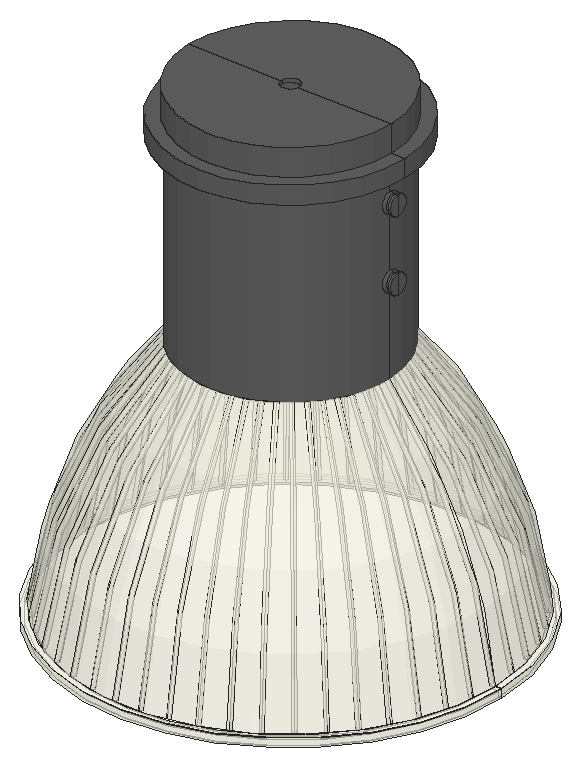
Revit family "FA12", category Lighting Fixtures, Revit 2024
Family settings
  Round Connector Dimension = Use Diameter
  Part Type = Normal
  OmniClass Number = 23.80.70.00
  OmniClass Title = Lighting
  Work Plane-Based = No
  Always vertical = Yes
  Cut with Voids When Loaded = No
  Light Source = No
  Maintain Annotation Orientation = No
  Shared = No
  Room Calculation Point = No
Parameters
  Default Elevation = 0' - 0"
Reference planes (in)
  plane 1 "Light Source Axis (F/B)": y = 0
  plane 2: z = 0
  plane 3 "Light Source Axis (L/R)": x = 0
  plane 4 "Light Source Elevation": z = 54
Forms (in)
  Revolve 1, solid, material "41"
    sketch origin (0, 0, 0) x (1, 0, 0) y (0, 0, 1)
      loop
        line (2.875, 67.5) -> (0.25, 67.5) -> (0.25, 67.40625) -> (2.78125, 67.40625) -> (2.78125, 66.65625) -> (3.15625, 66.65625) -> (3.15625, 66.34375) -> (3, 66.34375)
        arc (3, 66.34375) -> (2.80113, 66.26137) -> (2.71875, 66.0625) r 0.28125
        line (2.71875, 66.0625) -> (2.71875, 61.09375) -> (0.25, 61.09375) -> (0.25, 61) -> (2.8125, 61) -> (2.8125, 66.0625)
        arc (2.8125, 66.0625) -> (2.86742, 66.19508) -> (3, 66.25) r 0.1875
        line (3, 66.25) -> (3.25, 66.25) -> (3.25, 66.75) -> (2.875, 66.75) -> (2.875, 67.5)
      axis (0, 67.5) -> (0, 61)
    angle from 0 to 360
  Revolve 2, solid, material "41"
    sketch origin (-0.6875, 0, -6.375) x (1, 0, 0) y (0, 0, 1)
      loop
        line (3.5, 71.875) -> (3.75, 71.875) -> (3.75, 72.145) -> (3.686, 72.145) -> (3.686, 72.105)
        arc (3.686, 72.105) -> (3.633, 72.052) -> (3.58, 72.105) r 0.053
        arc (3.58, 72.105) -> (3.54, 72.145) -> (3.5, 72.105) r 0.04
        line (3.5, 72.105) -> (3.5, 71.875)
      axis (3.75, 71.875) -> (3.5, 71.875)
    angle from 0 to 360
  Revolve 3, solid, material "41"
    sketch origin (-0.6875, 0, -8.375) x (1, 0, 0) y (0, 0, 1)
      loop
        line (3.5, 71.875) -> (3.75, 71.875) -> (3.75, 72.145) -> (3.686, 72.145) -> (3.686, 72.105)
        arc (3.686, 72.105) -> (3.633, 72.052) -> (3.58, 72.105) r 0.053
        arc (3.58, 72.105) -> (3.54, 72.145) -> (3.5, 72.105) r 0.04
        line (3.5, 72.105) -> (3.5, 71.875)
      axis (3.75, 71.875) -> (3.5, 71.875)
    angle from 0 to 360
  Revolve 4, solid, material "41"
    sketch origin (0.6875, 0, -8.375) x (-1, 0, 0) y (0, 0, -1)
      loop
        line (3.5, -71.875) -> (3.5, -72.105)
        arc (3.5, -72.105) -> (3.54, -72.145) -> (3.58, -72.105) r 0.04
        arc (3.58, -72.105) -> (3.633, -72.052) -> (3.686, -72.105) r 0.053
        line (3.686, -72.105) -> (3.686, -72.145) -> (3.75, -72.145) -> (3.75, -71.875) -> (3.5, -71.875)
      axis (3.75, -71.875) -> (3.5, -71.875)
    angle from 0 to 360
  Revolve 5, solid, material "41"
    sketch origin (0.6875, 0, -6.3745) x (-1, 0, 0) y (0, 0, -1)
      loop
        line (3.5, -71.875) -> (3.5, -72.105)
        arc (3.5, -72.105) -> (3.54, -72.145) -> (3.58, -72.105) r 0.04
        arc (3.58, -72.105) -> (3.633, -72.052) -> (3.686, -72.105) r 0.053
        line (3.686, -72.105) -> (3.686, -72.145) -> (3.75, -72.145) -> (3.75, -71.875) -> (3.5, -71.875)
      axis (3.75, -71.875) -> (3.5, -71.875)
    angle from 0 to 360
  Revolve 6, solid, material "GLASS SHADE"
    sketch origin (0, 0, 0) x (1, 0, 0) y (0, 0, 1)
      loop
        arc (5.82952, 54.25386) -> (4.88125, 57.87748) -> (2.8125, 61) r 11.43038
        line (2.8125, 61) -> (0.25, 61) -> (0.25, 60.93612) -> (2.74389, 60.93612)
        arc (2.74389, 60.93612) -> (4.81305, 57.80014) -> (5.74365, 54.16011) r 11.33663
        line (5.74365, 54.16011) -> (5.90461, 54.16011) -> (5.90461, 54) -> (5.99836, 54) -> (5.99836, 54.25386) -> (5.82952, 54.25386)
      axis (0, 61) -> (0, 54)
    angle from 0 to 360
  Sweep 7, solid, material "GLASS SHADE"
    path origin (0, 0, 0) x (1, 0, 0) y (0, 0, 1)
      loop
        arc (2.74389, 60.93612) -> (4.76467, 57.82939) -> (5.73979, 54.25386) r 11.98589
    profile origin (4.76467, 0, 57.82939) x (0.912489, 0, 0.409102) y (0, -1, 0)
      loop
        circle (0, 0) r 0.0625
  Sweep 8, solid, material "GLASS SHADE"
    path origin (0, 0, 0) x (0.992115, -0.125333, 0) y (0, 0, 1)
      loop
        arc (2.74389, 60.93612) -> (4.76467, 57.82939) -> (5.73979, 54.25386) r 11.98589
    profile origin (4.7271, -0.59717, 57.82939) x (0.905293, -0.114365, 0.409102) y (-0.125333, -0.992115, 0)
      loop
        circle (0, 0) r 0.0625
  Sweep 9, solid, material "GLASS SHADE"
    path origin (0, 0, 0) x (0.992115, 0.125333, 0) y (0, 0, 1)
      loop
        arc (2.74389, 60.93612) -> (4.76467, 57.82939) -> (5.73979, 54.25386) r 11.98589
    profile origin (4.7271, 0.59717, 57.82939) x (0.905293, 0.114365, 0.409102) y (0.125333, -0.992115, 0)
      loop
        circle (0, 0) r 0.0625
  Sweep 10, solid, material "GLASS SHADE"
    path origin (0, 0, 0) x (0.968583, 0.24869, 0) y (0, 0, 1)
      loop
        arc (2.74389, 60.93612) -> (4.76467, 57.82939) -> (5.73979, 54.25386) r 11.98589
    profile origin (4.61498, 1.18493, 57.82939) x (0.883821, 0.226927, 0.409102) y (0.24869, -0.968583, 0)
      loop
        circle (0, 0) r 0.0625
  Sweep 11, solid, material "GLASS SHADE"
    path origin (0, 0, 0) x (0.929776, 0.368125, 0) y (0, 0, 1)
      loop
        arc (2.74389, 60.93612) -> (4.76467, 57.82939) -> (5.73979, 54.25386) r 11.98589
    profile origin (4.43008, 1.75399, 57.82939) x (0.84841, 0.335909, 0.409102) y (0.368125, -0.929776, 0)
      loop
        circle (0, 0) r 0.0625
  Sweep 12, solid, material "GLASS SHADE"
    path origin (0, 0, 0) x (0.876307, 0.481754, 0) y (0, 0, 1)
      loop
        arc (2.74389, 60.93612) -> (4.76467, 57.82939) -> (5.73979, 54.25386) r 11.98589
    profile origin (4.17532, 2.2954, 57.82939) x (0.79962, 0.439595, 0.409102) y (0.481754, -0.876307, 0)
      loop
        circle (0, 0) r 0.0625
  Sweep 13, solid, material "GLASS SHADE"
    path origin (0, 0, 0) x (0.809017, 0.587785, 0) y (0, 0, 1)
      loop
        arc (2.74389, 60.93612) -> (4.76467, 57.82939) -> (5.73979, 54.25386) r 11.98589
    profile origin (3.8547, 2.8006, 57.82939) x (0.738219, 0.536347, 0.409102) y (0.587785, -0.809017, 0)
      loop
        circle (0, 0) r 0.0625
  Sweep 14, solid, material "GLASS SHADE"
    path origin (0, 0, 0) x (0.728969, 0.684547, 0) y (0, 0, 1)
      loop
        arc (2.74389, 60.93612) -> (4.76467, 57.82939) -> (5.73979, 54.25386) r 11.98589
    profile origin (3.4733, 3.26164, 57.82939) x (0.665176, 0.624641, 0.409102) y (0.684547, -0.728969, 0)
      loop
        circle (0, 0) r 0.0625
  Sweep 15, solid, material "GLASS SHADE"
    path origin (0, 0, 0) x (0.637424, 0.770513, 0) y (0, 0, 1)
      loop
        arc (2.74389, 60.93612) -> (4.76467, 57.82939) -> (5.73979, 54.25386) r 11.98589
    profile origin (3.03712, 3.67124, 57.82939) x (0.581642, 0.703084, 0.409102) y (0.770513, -0.637424, 0)
      loop
        circle (0, 0) r 0.0625
  Sweep 16, solid, material "GLASS SHADE"
    path origin (0, 0, 0) x (0.535827, 0.844328, 0) y (0, 0, 1)
      loop
        arc (2.74389, 60.93612) -> (4.76467, 57.82939) -> (5.73979, 54.25386) r 11.98589
    profile origin (2.55304, 4.02295, 57.82939) x (0.488936, 0.77044, 0.409102) y (0.844328, -0.535827, 0)
      loop
        circle (0, 0) r 0.0625
  Sweep 17, solid, material "GLASS SHADE"
    path origin (0, 0, 0) x (0.425779, 0.904827, 0) y (0, 0, 1)
      loop
        arc (2.74389, 60.93612) -> (4.76467, 57.82939) -> (5.73979, 54.25386) r 11.98589
    profile origin (2.0287, 4.31121, 57.82939) x (0.388519, 0.825644, 0.409102) y (0.904827, -0.425779, 0)
      loop
        circle (0, 0) r 0.0625
  Sweep 18, solid, material "GLASS SHADE"
    path origin (0, 0, 0) x (0.309017, 0.951057, 0) y (0, 0, 1)
      loop
        arc (2.74389, 60.93612) -> (4.76467, 57.82939) -> (5.73979, 54.25386) r 11.98589
    profile origin (1.47237, 4.53147, 57.82939) x (0.281974, 0.867828, 0.409102) y (0.951057, -0.309017, 0)
      loop
        circle (0, 0) r 0.0625
  Sweep 19, solid, material "GLASS SHADE"
    path origin (0, 0, 0) x (0.187381, 0.982287, 0) y (0, 0, 1)
      loop
        arc (2.74389, 60.93612) -> (4.76467, 57.82939) -> (5.73979, 54.25386) r 11.98589
    profile origin (0.89281, 4.68028, 57.82939) x (0.170983, 0.896326, 0.409102) y (0.982287, -0.187381, 0)
      loop
        circle (0, 0) r 0.0625
  Sweep 20, solid, material "GLASS SHADE"
    path origin (0, 0, 0) x (0.062791, 0.998027, 0) y (0, 0, 1)
      loop
        arc (2.74389, 60.93612) -> (4.76467, 57.82939) -> (5.73979, 54.25386) r 11.98589
    profile origin (0.29918, 4.75527, 57.82939) x (0.057296, 0.910688, 0.409102) y (0.998027, -0.062791, 0)
      loop
        circle (0, 0) r 0.0625
  Sweep 21, solid, material "GLASS SHADE"
    path origin (0, 0, 0) x (-0.062791, 0.998027, 0) y (0, 0, 1)
      loop
        arc (2.74389, 60.93612) -> (4.76467, 57.82939) -> (5.73979, 54.25386) r 11.98589
    profile origin (-0.29918, 4.75527, 57.82939) x (-0.057296, 0.910688, 0.409102) y (0.998027, 0.062791, 0)
      loop
        circle (0, 0) r 0.0625
  Sweep 22, solid, material "GLASS SHADE"
    path origin (0, 0, 0) x (-0.187381, 0.982287, 0) y (0, 0, 1)
      loop
        arc (2.74389, 60.93612) -> (4.76467, 57.82939) -> (5.73979, 54.25386) r 11.98589
    profile origin (-0.89281, 4.68028, 57.82939) x (-0.170983, 0.896326, 0.409102) y (0.982287, 0.187381, 0)
      loop
        circle (0, 0) r 0.0625
  Sweep 23, solid, material "GLASS SHADE"
    path origin (0, 0, 0) x (-0.309017, 0.951057, 0) y (0, 0, 1)
      loop
        arc (2.74389, 60.93612) -> (4.76467, 57.82939) -> (5.73979, 54.25386) r 11.98589
    profile origin (-1.47237, 4.53147, 57.82939) x (-0.281974, 0.867828, 0.409102) y (0.951057, 0.309017, 0)
      loop
        circle (0, 0) r 0.0625
  Sweep 24, solid, material "GLASS SHADE"
    path origin (0, 0, 0) x (-0.425779, 0.904827, 0) y (0, 0, 1)
      loop
        arc (2.74389, 60.93612) -> (4.76467, 57.82939) -> (5.73979, 54.25386) r 11.98589
    profile origin (-2.0287, 4.31121, 57.82939) x (-0.388519, 0.825644, 0.409102) y (0.904827, 0.425779, 0)
      loop
        circle (0, 0) r 0.0625
  Sweep 25, solid, material "GLASS SHADE"
    path origin (0, 0, 0) x (-0.535827, 0.844328, 0) y (0, 0, 1)
      loop
        arc (2.74389, 60.93612) -> (4.76467, 57.82939) -> (5.73979, 54.25386) r 11.98589
    profile origin (-2.55304, 4.02295, 57.82939) x (-0.488936, 0.77044, 0.409102) y (0.844328, 0.535827, 0)
      loop
        circle (0, 0) r 0.0625
  Sweep 26, solid, material "GLASS SHADE"
    path origin (0, 0, 0) x (-0.637424, 0.770513, 0) y (0, 0, 1)
      loop
        arc (2.74389, 60.93612) -> (4.76467, 57.82939) -> (5.73979, 54.25386) r 11.98589
    profile origin (-3.03712, 3.67124, 57.82939) x (-0.581642, 0.703084, 0.409102) y (0.770513, 0.637424, 0)
      loop
        circle (0, 0) r 0.0625
  Sweep 27, solid, material "GLASS SHADE"
    path origin (0, 0, 0) x (-0.728969, 0.684547, 0) y (0, 0, 1)
      loop
        arc (2.74389, 60.93612) -> (4.76467, 57.82939) -> (5.73979, 54.25386) r 11.98589
    profile origin (-3.4733, 3.26164, 57.82939) x (-0.665176, 0.624641, 0.409102) y (0.684547, 0.728969, 0)
      loop
        circle (0, 0) r 0.0625
  Sweep 28, solid, material "GLASS SHADE"
    path origin (0, 0, 0) x (-0.809017, 0.587785, 0) y (0, 0, 1)
      loop
        arc (2.74389, 60.93612) -> (4.76467, 57.82939) -> (5.73979, 54.25386) r 11.98589
    profile origin (-3.8547, 2.8006, 57.82939) x (-0.738219, 0.536347, 0.409102) y (0.587785, 0.809017, 0)
      loop
        circle (0, 0) r 0.0625
  Sweep 29, solid, material "GLASS SHADE"
    path origin (0, 0, 0) x (-0.876307, 0.481754, 0) y (0, 0, 1)
      loop
        arc (2.74389, 60.93612) -> (4.76467, 57.82939) -> (5.73979, 54.25386) r 11.98589
    profile origin (-4.17532, 2.2954, 57.82939) x (-0.79962, 0.439595, 0.409102) y (0.481754, 0.876307, 0)
      loop
        circle (0, 0) r 0.0625
  Sweep 30, solid, material "GLASS SHADE"
    path origin (0, 0, 0) x (-0.929776, 0.368125, 0) y (0, 0, 1)
      loop
        arc (2.74389, 60.93612) -> (4.76467, 57.82939) -> (5.73979, 54.25386) r 11.98589
    profile origin (-4.43008, 1.75399, 57.82939) x (-0.84841, 0.335909, 0.409102) y (0.368125, 0.929776, 0)
      loop
        circle (0, 0) r 0.0625
  Sweep 31, solid, material "GLASS SHADE"
    path origin (0, 0, 0) x (-0.968583, 0.24869, 0) y (0, 0, 1)
      loop
        arc (2.74389, 60.93612) -> (4.76467, 57.82939) -> (5.73979, 54.25386) r 11.98589
    profile origin (-4.61498, 1.18493, 57.82939) x (-0.883821, 0.226927, 0.409102) y (0.24869, 0.968583, 0)
      loop
        circle (0, 0) r 0.0625
  Sweep 32, solid, material "GLASS SHADE"
    path origin (0, 0, 0) x (-0.992115, 0.125333, 0) y (0, 0, 1)
      loop
        arc (2.74389, 60.93612) -> (4.76467, 57.82939) -> (5.73979, 54.25386) r 11.98589
    profile origin (-4.7271, 0.59717, 57.82939) x (-0.905293, 0.114365, 0.409102) y (0.125333, 0.992115, 0)
      loop
        circle (0, 0) r 0.0625
  Sweep 33, solid, material "GLASS SHADE"
    path origin (0, 0, 0) x (-1, 0, 0) y (0, 0, 1)
      loop
        arc (2.74389, 60.93612) -> (4.76467, 57.82939) -> (5.73979, 54.25386) r 11.98589
    profile origin (-4.76467, 0, 57.82939) x (-0.912489, 0, 0.409102) y (0, 1, 0)
      loop
        circle (0, 0) r 0.0625
  Sweep 34, solid, material "GLASS SHADE"
    path origin (0, 0, 0) x (-0.992115, -0.125333, 0) y (0, 0, 1)
      loop
        arc (2.74389, 60.93612) -> (4.76467, 57.82939) -> (5.73979, 54.25386) r 11.98589
    profile origin (-4.7271, -0.59717, 57.82939) x (-0.905293, -0.114365, 0.409102) y (-0.125333, 0.992115, 0)
      loop
        circle (0, 0) r 0.0625
  Sweep 35, solid, material "GLASS SHADE"
    path origin (0, 0, 0) x (-0.968583, -0.24869, 0) y (0, 0, 1)
      loop
        arc (2.74389, 60.93612) -> (4.76467, 57.82939) -> (5.73979, 54.25386) r 11.98589
    profile origin (-4.61498, -1.18493, 57.82939) x (-0.883821, -0.226927, 0.409102) y (-0.24869, 0.968583, 0)
      loop
        circle (0, 0) r 0.0625
  Sweep 36, solid, material "GLASS SHADE"
    path origin (0, 0, 0) x (-0.929776, -0.368125, 0) y (0, 0, 1)
      loop
        arc (2.74389, 60.93612) -> (4.76467, 57.82939) -> (5.73979, 54.25386) r 11.98589
    profile origin (-4.43008, -1.75399, 57.82939) x (-0.84841, -0.335909, 0.409102) y (-0.368125, 0.929776, 0)
      loop
        circle (0, 0) r 0.0625
  Sweep 37, solid, material "GLASS SHADE"
    path origin (0, 0, 0) x (-0.876307, -0.481754, 0) y (0, 0, 1)
      loop
        arc (2.74389, 60.93612) -> (4.76467, 57.82939) -> (5.73979, 54.25386) r 11.98589
    profile origin (-4.17532, -2.2954, 57.82939) x (-0.79962, -0.439595, 0.409102) y (-0.481754, 0.876307, 0)
      loop
        circle (0, 0) r 0.0625
  Sweep 38, solid, material "GLASS SHADE"
    path origin (0, 0, 0) x (-0.809017, -0.587785, 0) y (0, 0, 1)
      loop
        arc (2.74389, 60.93612) -> (4.76467, 57.82939) -> (5.73979, 54.25386) r 11.98589
    profile origin (-3.8547, -2.8006, 57.82939) x (-0.738219, -0.536347, 0.409102) y (-0.587785, 0.809017, 0)
      loop
        circle (0, 0) r 0.0625
  Sweep 39, solid, material "GLASS SHADE"
    path origin (0, 0, 0) x (-0.728969, -0.684547, 0) y (0, 0, 1)
      loop
        arc (2.74389, 60.93612) -> (4.76467, 57.82939) -> (5.73979, 54.25386) r 11.98589
    profile origin (-3.4733, -3.26164, 57.82939) x (-0.665176, -0.624641, 0.409102) y (-0.684547, 0.728969, 0)
      loop
        circle (0, 0) r 0.0625
  Sweep 40, solid, material "GLASS SHADE"
    path origin (0, 0, 0) x (-0.637424, -0.770513, 0) y (0, 0, 1)
      loop
        arc (2.74389, 60.93612) -> (4.76467, 57.82939) -> (5.73979, 54.25386) r 11.98589
    profile origin (-3.03712, -3.67124, 57.82939) x (-0.581642, -0.703084, 0.409102) y (-0.770513, 0.637424, 0)
      loop
        circle (0, 0) r 0.0625
  Sweep 41, solid, material "GLASS SHADE"
    path origin (0, 0, 0) x (-0.535827, -0.844328, 0) y (0, 0, 1)
      loop
        arc (2.74389, 60.93612) -> (4.76467, 57.82939) -> (5.73979, 54.25386) r 11.98589
    profile origin (-2.55304, -4.02295, 57.82939) x (-0.488936, -0.77044, 0.409102) y (-0.844328, 0.535827, 0)
      loop
        circle (0, 0) r 0.0625
  Sweep 42, solid, material "GLASS SHADE"
    path origin (0, 0, 0) x (-0.425779, -0.904827, 0) y (0, 0, 1)
      loop
        arc (2.74389, 60.93612) -> (4.76467, 57.82939) -> (5.73979, 54.25386) r 11.98589
    profile origin (-2.0287, -4.31121, 57.82939) x (-0.388519, -0.825644, 0.409102) y (-0.904827, 0.425779, 0)
      loop
        circle (0, 0) r 0.0625
  Sweep 43, solid, material "GLASS SHADE"
    path origin (0, 0, 0) x (-0.309017, -0.951057, 0) y (0, 0, 1)
      loop
        arc (2.74389, 60.93612) -> (4.76467, 57.82939) -> (5.73979, 54.25386) r 11.98589
    profile origin (-1.47237, -4.53147, 57.82939) x (-0.281974, -0.867828, 0.409102) y (-0.951057, 0.309017, 0)
      loop
        circle (0, 0) r 0.0625
  Sweep 44, solid, material "GLASS SHADE"
    path origin (0, 0, 0) x (-0.187381, -0.982287, 0) y (0, 0, 1)
      loop
        arc (2.74389, 60.93612) -> (4.76467, 57.82939) -> (5.73979, 54.25386) r 11.98589
    profile origin (-0.89281, -4.68028, 57.82939) x (-0.170983, -0.896326, 0.409102) y (-0.982287, 0.187381, 0)
      loop
        circle (0, 0) r 0.0625
  Sweep 45, solid, material "GLASS SHADE"
    path origin (0, 0, 0) x (-0.062791, -0.998027, 0) y (0, 0, 1)
      loop
        arc (2.74389, 60.93612) -> (4.76467, 57.82939) -> (5.73979, 54.25386) r 11.98589
    profile origin (-0.29918, -4.75527, 57.82939) x (-0.057296, -0.910688, 0.409102) y (-0.998027, 0.062791, 0)
      loop
        circle (0, 0) r 0.0625
  Sweep 46, solid, material "GLASS SHADE"
    path origin (0, 0, 0) x (0.062791, -0.998027, 0) y (0, 0, 1)
      loop
        arc (2.74389, 60.93612) -> (4.76467, 57.82939) -> (5.73979, 54.25386) r 11.98589
    profile origin (0.29918, -4.75527, 57.82939) x (0.057296, -0.910688, 0.409102) y (-0.998027, -0.062791, 0)
      loop
        circle (0, 0) r 0.0625
  Sweep 47, solid, material "GLASS SHADE"
    path origin (0, 0, 0) x (0.187381, -0.982287, 0) y (0, 0, 1)
      loop
        arc (2.74389, 60.93612) -> (4.76467, 57.82939) -> (5.73979, 54.25386) r 11.98589
    profile origin (0.89281, -4.68028, 57.82939) x (0.170983, -0.896326, 0.409102) y (-0.982287, -0.187381, 0)
      loop
        circle (0, 0) r 0.0625
  Sweep 48, solid, material "GLASS SHADE"
    path origin (0, 0, 0) x (0.309017, -0.951057, 0) y (0, 0, 1)
      loop
        arc (2.74389, 60.93612) -> (4.76467, 57.82939) -> (5.73979, 54.25386) r 11.98589
    profile origin (1.47237, -4.53147, 57.82939) x (0.281974, -0.867828, 0.409102) y (-0.951057, -0.309017, 0)
      loop
        circle (0, 0) r 0.0625
  Sweep 49, solid, material "GLASS SHADE"
    path origin (0, 0, 0) x (0.425779, -0.904827, 0) y (0, 0, 1)
      loop
        arc (2.74389, 60.93612) -> (4.76467, 57.82939) -> (5.73979, 54.25386) r 11.98589
    profile origin (2.0287, -4.31121, 57.82939) x (0.388519, -0.825644, 0.409102) y (-0.904827, -0.425779, 0)
      loop
        circle (0, 0) r 0.0625
  Sweep 50, solid, material "GLASS SHADE"
    path origin (0, 0, 0) x (0.535827, -0.844328, 0) y (0, 0, 1)
      loop
        arc (2.74389, 60.93612) -> (4.76467, 57.82939) -> (5.73979, 54.25386) r 11.98589
    profile origin (2.55304, -4.02295, 57.82939) x (0.488936, -0.77044, 0.409102) y (-0.844328, -0.535827, 0)
      loop
        circle (0, 0) r 0.0625
  Sweep 51, solid, material "GLASS SHADE"
    path origin (0, 0, 0) x (0.637424, -0.770513, 0) y (0, 0, 1)
      loop
        arc (2.74389, 60.93612) -> (4.76467, 57.82939) -> (5.73979, 54.25386) r 11.98589
    profile origin (3.03712, -3.67124, 57.82939) x (0.581642, -0.703084, 0.409102) y (-0.770513, -0.637424, 0)
      loop
        circle (0, 0) r 0.0625
  Sweep 52, solid, material "GLASS SHADE"
    path origin (0, 0, 0) x (0.728969, -0.684547, 0) y (0, 0, 1)
      loop
        arc (2.74389, 60.93612) -> (4.76467, 57.82939) -> (5.73979, 54.25386) r 11.98589
    profile origin (3.4733, -3.26164, 57.82939) x (0.665176, -0.624641, 0.409102) y (-0.684547, -0.728969, 0)
      loop
        circle (0, 0) r 0.0625
  Sweep 53, solid, material "GLASS SHADE"
    path origin (0, 0, 0) x (0.809017, -0.587785, 0) y (0, 0, 1)
      loop
        arc (2.74389, 60.93612) -> (4.76467, 57.82939) -> (5.73979, 54.25386) r 11.98589
    profile origin (3.8547, -2.8006, 57.82939) x (0.738219, -0.536347, 0.409102) y (-0.587785, -0.809017, 0)
      loop
        circle (0, 0) r 0.0625
  Sweep 54, solid, material "GLASS SHADE"
    path origin (0, 0, 0) x (0.876307, -0.481754, 0) y (0, 0, 1)
      loop
        arc (2.74389, 60.93612) -> (4.76467, 57.82939) -> (5.73979, 54.25386) r 11.98589
    profile origin (4.17532, -2.2954, 57.82939) x (0.79962, -0.439595, 0.409102) y (-0.481754, -0.876307, 0)
      loop
        circle (0, 0) r 0.0625
  Sweep 55, solid, material "GLASS SHADE"
    path origin (0, 0, 0) x (0.929776, -0.368125, 0) y (0, 0, 1)
      loop
        arc (2.74389, 60.93612) -> (4.76467, 57.82939) -> (5.73979, 54.25386) r 11.98589
    profile origin (4.43008, -1.75399, 57.82939) x (0.84841, -0.335909, 0.409102) y (-0.368125, -0.929776, 0)
      loop
        circle (0, 0) r 0.0625
  Sweep 56, solid, material "GLASS SHADE"
    path origin (0, 0, 0) x (0.968583, -0.24869, 0) y (0, 0, 1)
      loop
        arc (2.74389, 60.93612) -> (4.76467, 57.82939) -> (5.73979, 54.25386) r 11.98589
    profile origin (4.61498, -1.18493, 57.82939) x (0.883821, -0.226927, 0.409102) y (-0.24869, -0.968583, 0)
      loop
        circle (0, 0) r 0.0625
Dimensions and locks (in)
  aligned and locked: level to plane 2
